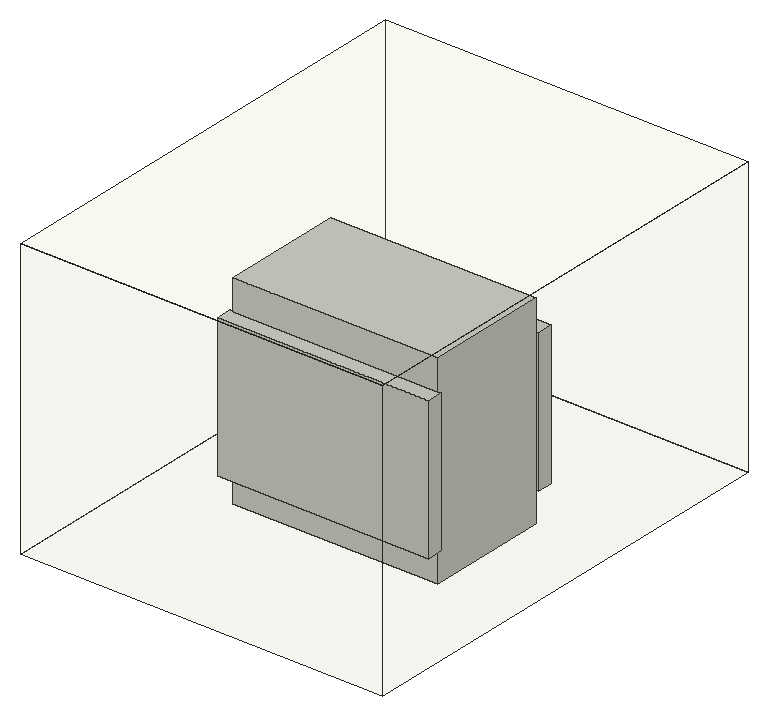
Revit family "Electrical_Transformers_Simens-AG_Geafol_Transformer-housing", category Electrical Fixtures, Revit 2016
Family settings
  Maintain Annotation Orientation = No
  Part Type = Normal
  Round Connector Dimension = Use Diameter
  OmniClass Number = 23.80.00.00
  OmniClass Title = Electric Power and Lighting
  Work Plane-Based = No
  Always vertical = Yes
  Cut with Voids When Loaded = No
  Shared = No
  Room Calculation Point = No
Parameters (values of type "Indoor IP20, 100-160kVA, HV 6-10kV")
  Youtube clip = "https://www.siemens.com/geafol"
  Weight Net (Kg) = "0"
  Uniformat II Description = "Energy Supply"
  Uniformat II Code = "D3010"
  Uniclass 2015 Name = "Voltage transformers"
  Uniclass 2015 Code = "Pr_80_51_51_95"
  Uniclass 2.0 Description = "Electrical Power Control Products"
  Uniclass 2.0 Code = "PR-26"
  Uniclass 1.4 Description = ""
  Uniclass 1.4 Code = ""
  UNSPSC Code = "39121009"
  Technical description = "http://www.siemens.com/specifications"
  T = 1010 mm
  Region South America = "AR, BO, BR, CL, CO, EC, FK, GF, GY, PE, PY, SR, UY, VE"
  Region Oceania = "AS, AU, CK, FJ, FM, GU, KI, MH, MP, NC, NF, NR, NU, NZ, PF, PG, PN, PW, SB, TK, TL, TO, TV, UM, WF, WS, VU"
  Region North America = "None"
  Region Middle East = "AE, AF, BH, EG, IL, IQ, IR, JO, KW, LB, OM, PS, QA, SA, SY, TR, YE"
  Region Europe = "AD, AL, AT, AX, BA, BE, BG, BY, CH, CY, CZ, DE, DK, EE, ES, FI, FO, FR, GB, GG, GI, GR, HR, HU, IE, IM, IS, IT, JE, LI, LT, LU, LV, MC, MD, ME, MK, MT, NL, NO, PL, PT, RO, RS, RU, SE, SI, SJ, SK, SM, UA, VA"
  Region Asia = "AM, AZ, BD, BN, BT, CC, CN, CX, GE, HK, ID, IN, IO, JP, KG, KH, KP, KR, KZ, LA, LK, MM, MN, MO, MV, MY, NP, PH, PK, SG, TH, TJ, TM, TW, UZ, VN"
  Region Antarctica = "AQ, BV, GS, HM, TF"
  Region Africa = "AO, BF, BI, BJ, BW, CD, CF, CG, CI, CM, CV, DJ, DZ, EH, ER, ET, GA, GH, GM, GN, GQ, GW, KE, KM, LR, LS, LY, MA, MG, ML, MR, MU, MW, MZ, NA, NE, NG, RE, RW, SC, SD, SH, SL, SN, SO, SS, ST, SZ, TD, TG, TN, TZ, UG, YT, ZA, ZM, ZW"
  QR code = "http://bimobject.com/siemens/product/siemens_transformer_geafol_housing"
  Product url = "https://www.siemens.com/geafol"
  Product group = "Dry-type Transformer"
  Product family = "Transformer"
  Product data url = "https://bimobject.com/siemens/product/siemens_transformer_geafol_housing"
  Product certification = "https://www.siemens.com/geafol"
  Product SKU = "siemens_transformer_geafol_housing"
  Product Guid = "7c9cb2a2-589f-4048-a66b-3b791df472f8"
  OmniClass Description = "Power Transformers"
  OmniClass Code = "23-35 13 17"
  Nominal width = 0 mm
  Nominal height = 0 mm
  NBS Reference Description = "Electrical Power Control Products"
  NBS Reference Code = "26"
  Model = "Geafol- Transformer casing Indoor IP20, 100-160kVA, HV 6-10kV"
  Material secondary = ""
  Material main = "Steel"
  Masterformat 2014 Description = "Low-Voltage Transformers"
  Masterformat 2014 Code = "26 22 00"
  Manufacturer name = "Siemens AG"
  Manufacturer country = ""
  Manufacturer = "Siemens AG"
  Installation instructions = "https://www.siemens.com/geafol"
  IP_Typ = 1
  IP = if(IP_Typ = 4, "IP23DW", if(IP_Typ = 3, "IP23D", if(IP_Typ = 2, "IP23", if(IP_Typ = 1, "IP20", "IP00"))))  # "IP20"
  IFC Classification = ""
  H = 1335 mm
  Manufacturer = "Siemens AG"
  GK4_sichtbar [instance] = (IP_Typ = 4)  # no
  GK4_T [instance] = T  # 1010 mm
  GK4_L [instance] = L  # 1390 mm
  GK4_H_teil [instance] = GK4_H - GK4_H_Dach  # 175 mm
  GK4_H = 205 mm
  GK4_H_Dach [instance] = 30 mm  # constant formula
  GK3_sichtbar [instance] = or((IP_Typ = 2), (IP_Typ = 3))  # no
  GK3_UK [instance] = GK1_H  # 1335 mm
  GK3_T [instance] = 60 mm  # constant formula
  GK3_Reihe_Ende [instance] = GK1_L  # 1350 mm
  GK3_Reihe_Anz = 8  # constant formula
  GK3_L [instance] = GK1_L  # 1350 mm
  GK3_H = 60 mm
  GK2_T [instance] = AB2  # 100 mm
  GK2_L [instance] = L  # 1390 mm
  GK2_H [instance] = GK1_H - 2 * ABH1  # 935 mm
  GK1_T [instance] = T - 2 * AB2  # 810 mm
  GK1_H [instance] = if(IP_Typ = 1, H, if(IP_Typ = 2, H - GK3_H, if(IP_Typ = 3, H - GK3_H, if(IP_Typ = 4, H - GK4_H, H))))  # 1335 mm
  L = 1390 mm
  GK1_L_start [instance] = AB1  # 20 mm
  GK1_L_Ende [instance] = L - AB1  # 1370 mm
  GK1_L [instance] = L - 2 * AB1  # 1350 mm
  Edition number = 1
  EAN code = ""
  Design country = "Germany"
  Date of publishing = "10/25/2017"
  Clearence operation [instance] = yes
  Cl_T1 = 1000 mm  # constant formula
  Cl_T = T + 2 * Cl_T1  # 3010 mm
  Cl_L1 = 500 mm  # constant formula
  Cl_L = L + 2 * Cl_L1  # 2390 mm
  Cl_H = H + 500 mm  # 1835 mm
  COBIe Type Category = ""
  Brand url = "https://www.siemens.com/global/en/home/products/energy.html"
  BIMobject main category code = "electrical"
  BIMobject main category = "Electrical"
  BIMobject category code = "electrical-transformers"
  BIMobject category = "Transformers"
  ABH1 [instance] = 200 mm  # constant formula
  AB2 [instance] = 100 mm  # constant formula
  AB1 [instance] = 20 mm  # constant formula
Types (15, lengths in mm): name | T | Model | IP_Typ | IP | H | GK4_sichtbar | GK4_T | GK4_L | GK4_H_teil | GK4_H | GK3_sichtbar | GK3_UK | GK3_Reihe_Ende | GK3_L | GK3_H | GK2_L | GK2_H | GK1_T | GK1_H | L | GK1_L_Ende | GK1_L | Cl_T | Cl_L | Cl_H
  Indoor IP20, 100-160kVA, HV 6-10kV | 1010 | "Geafol- Transformer casing Indoor IP20, 100-160kVA, HV 6-10kV" | 1 | "IP20" | 1335 | no | 1010 | 1390 | 175 | 205 | no | 1335 | 1350 | 1350 | 60 | 1390 | 935 | 810 | 1335 | 1390 | 1370 | 1350 | 3010 | 2390 | 1835
  Indoor IP20, 100-630kVA, HV 6-20kV | 1280 | "Geafol- Transformer casing Indoor IP20, 100-630kVA, HV 6-20kV" | 1 | "IP20" | 1535 | no | 1280 | 1860 | 280 | 310 | no | 1535 | 1820 | 1820 | 60 | 1860 | 1135 | 1080 | 1535 | 1860 | 1840 | 1820 | 3280 | 2860 | 2035
  Indoor IP20, 800-1000kVA, HV 6-20kV | 1280 | "Geafol- Transformer casing Indoor IP20, 800-1000kVA, HV 6-20kV" | 1 | "IP20" | 1885 | no | 1280 | 1860 | 330 | 360 | no | 1885 | 1820 | 1820 | 60 | 1860 | 1485 | 1080 | 1885 | 1860 | 1840 | 1820 | 3280 | 2860 | 2385
  Indoor IP20, 1250-1600kVA, HV 6-20kV | 1500 | "Geafol- Transformer casing Indoor IP20, 1250-1600kVA, HV 6-20kV" | 1 | "IP20" | 2120 | no | 1500 | 2120 | 330 | 360 | no | 2120 | 2080 | 2080 | 105 | 2120 | 1720 | 1300 | 2120 | 2120 | 2100 | 2080 | 3500 | 3120 | 2620
  Indoor IP20, 2000-2500kVA, HV 6-20kV | 1500 | "Geafol- Transformer casing Indoor IP20, 2000-2500kVA, HV 6-20kV" | 1 | "IP20" | 2340 | no | 1500 | 2360 | 580 | 610 | no | 2340 | 2320 | 2320 | 155 | 2360 | 1940 | 1300 | 2340 | 2360 | 2340 | 2320 | 3500 | 3360 | 2840
  Indoor IP23, 100-160kVA, HV 6-10kV | 1010 | "Geafol- Transformer casing Indoor IP23, 100-160kVA, HV 6-10kV" | 2 | "IP23" | 1395 | no | 1010 | 1390 | 175 | 205 | yes | 1335 | 1350 | 1350 | 60 | 1390 | 935 | 810 | 1335 | 1390 | 1370 | 1350 | 3010 | 2390 | 1895
  Indoor IP23, 100-630kVA, HV 6-20kV | 1280 | "Geafol- Transformer casing Indoor IP23, 100-630kVA, HV 6-20kV" | 2 | "IP23" | 1595 | no | 1280 | 1860 | 280 | 310 | yes | 1535 | 1820 | 1820 | 60 | 1860 | 1135 | 1080 | 1535 | 1860 | 1840 | 1820 | 3280 | 2860 | 2095
  Indoor IP23, 800-1000kVA, HV 6-20kV | 1280 | "Geafol- Transformer casing Indoor IP23, 800-1000kVA, HV 6-20kV" | 2 | "IP23" | 1945 | no | 1280 | 1860 | 330 | 360 | yes | 1885 | 1820 | 1820 | 60 | 1860 | 1485 | 1080 | 1885 | 1860 | 1840 | 1820 | 3280 | 2860 | 2445
  Indoor IP23, 1250-1600kVA, HV 6-20kV | 1500 | "Geafol- Transformer casing Indoor IP23, 1250-1600kVA, HV 6-20kV" | 2 | "IP23" | 2225 | no | 1500 | 2120 | 330 | 360 | yes | 2120 | 2080 | 2080 | 105 | 2120 | 1720 | 1300 | 2120 | 2120 | 2100 | 2080 | 3500 | 3120 | 2725
  Indoor IP23, 2000-2500kVA, HV 6-20kV | 1500 | "Geafol- Transformer casing Indoor IP23, 2000-2500kVA, HV 6-20kV" | 2 | "IP23" | 2495 | no | 1500 | 2360 | 580 | 610 | yes | 2340 | 2320 | 2320 | 155 | 2360 | 1940 | 1300 | 2340 | 2360 | 2340 | 2320 | 3500 | 3360 | 2995
  Outdoor IP23, 100-160kVA, HV 6-10kV | 1070 | "Geafol- Transformer casing Outdoor IP23, 100-160kVA, HV 6-10kV" | 4 | "IP23DW" | 1540 | yes | 1070 | 1440 | 175 | 205 | no | 1335 | 1400 | 1400 | 60 | 1440 | 935 | 870 | 1335 | 1440 | 1420 | 1400 | 3070 | 2440 | 2040
  Outdoor IP23, 100-630kVA, HV 6-20kV | 1320 | "Geafol- Transformer casing Outdoor IP23, 100-630kVA, HV 6-20kV" | 4 | "IP23DW" | 1845 | yes | 1320 | 1880 | 280 | 310 | no | 1535 | 1840 | 1840 | 60 | 1880 | 1135 | 1120 | 1535 | 1880 | 1860 | 1840 | 3320 | 2880 | 2345
  Outdoor IP23, 800-1000kVA, HV 6-20kV | 1420 | "Geafol- Transformer casing Outdoor IP23, 800-1000kVA, HV 6-20kV" | 4 | "IP23DW" | 2245 | yes | 1420 | 1880 | 330 | 360 | no | 1885 | 1840 | 1840 | 60 | 1880 | 1485 | 1220 | 1885 | 1880 | 1860 | 1840 | 3420 | 2880 | 2745
  Outdoor IP23, 1250-1600kVA, HV 6-20kV | 1540 | "Geafol- Transformer casing Outdoor IP23, 1250-1600kVA, HV 6-20kV" | 4 | "IP23DW" | 2480 | yes | 1540 | 2240 | 330 | 360 | no | 2120 | 2200 | 2200 | 105 | 2240 | 1720 | 1340 | 2120 | 2240 | 2220 | 2200 | 3540 | 3240 | 2980
  Outdoor IP23, 2000-2500kVA, HV 6-20kV | 1540 | "Geafol- Transformer casing Outdoor IP23, 2000-2500kVA, HV 6-20kV" | 4 | "IP23DW" | 2950 | yes | 1540 | 2380 | 580 | 610 | no | 2340 | 2340 | 2340 | 155 | 2380 | 1940 | 1340 | 2340 | 2380 | 2360 | 2340 | 3540 | 3380 | 3450
Reference planes
  plane 1 "Mitte (Vorne/Hinten)": y = 0
  plane 2: z = 0
  plane 3 "Mitte (Links/Rechts)": x = 0
  plane 4 "GK1 vorn": y = 100
  plane 5 "UK_GK2": z = 200
  plane 6 "GK1 hinten": y = 910
  plane 7 "GK3_UK": z = 1335
  plane 8 "Clearence left": x = -500
  plane 9 "Clearence Front": y = -1000
Forms (mm)
  Extrusion 1, solid, material "Siemens RAL 7035"
    sketch origin (0, 0, 0) x (0, 1, 0) y (0, 0, 1)
      loop
        line (100, 0) -> (910, 0) -> (910, 1335) -> (100, 1335) -> (100, 0)
    from 20 <- "GK1_L_start" to 1370 <- "GK1_L_Ende"
  Extrusion 2, solid, material "Siemens RAL 7035"
    sketch origin (0, 0, 0) x (0, 1, 0) y (0, 0, 1)
      loop
        line (100, 1135) -> (0, 1135) -> (0, 200) -> (100, 200) -> (100, 1135)
    from 0 to 1390 <- "GK2_L"
  Extrusion 3, solid, material "Siemens RAL 7035"
    sketch origin (0, 0, 0) x (0, 1, 0) y (0, 0, 1)
      loop
        line (1010, 1135) -> (910, 1135) -> (910, 200) -> (1010, 200) -> (1010, 1135)
    from 0 to 1390 <- "GK2_L"
  Extrusion 4, solid, visible <- "GK3_sichtbar"
    sketch origin (0, 46.232, -12.608) x (0, 1, 0) y (0, 0, 1)
      loop
        line (863.768, 1347.608) -> (863.768, 1407.608) -> (803.768, 1407.608) -> (803.768, 1347.608) -> (863.768, 1347.608)
    from 20 <- "GK1_L_start" to 1370 <- "GK1_L_Ende"
  Extrusion 5, solid, visible <- "GK3_sichtbar"
    sketch origin (0, -703.768, -12.608) x (0, 1, 0) y (0, 0, 1)
      loop
        line (863.768, 1347.608) -> (863.768, 1407.608) -> (803.768, 1407.608) -> (803.768, 1347.608) -> (863.768, 1347.608)
    from 20 <- "GK1_L_start" to 1370 <- "GK1_L_Ende"
  Extrusion 6, solid, visible <- "GK3_sichtbar"
    sketch origin (0, -60.91, -12.608) x (0, 1, 0) y (0, 0, 1)
      loop
        line (863.768, 1347.608) -> (863.768, 1407.608) -> (803.768, 1407.608) -> (803.768, 1347.608) -> (863.768, 1347.608)
    from 20 <- "GK1_L_start" to 1370 <- "GK1_L_Ende"
  Extrusion 7, solid, visible <- "GK3_sichtbar"
    sketch origin (0, -168.053, -12.608) x (0, 1, 0) y (0, 0, 1)
      loop
        line (863.768, 1347.608) -> (863.768, 1407.608) -> (803.768, 1407.608) -> (803.768, 1347.608) -> (863.768, 1347.608)
    from 20 <- "GK1_L_start" to 1370 <- "GK1_L_Ende"
  Extrusion 8, solid, visible <- "GK3_sichtbar"
    sketch origin (0, -275.196, -12.608) x (0, 1, 0) y (0, 0, 1)
      loop
        line (863.768, 1347.608) -> (863.768, 1407.608) -> (803.768, 1407.608) -> (803.768, 1347.608) -> (863.768, 1347.608)
    from 20 <- "GK1_L_start" to 1370 <- "GK1_L_Ende"
  Extrusion 9, solid, visible <- "GK3_sichtbar"
    sketch origin (0, -382.339, -12.608) x (0, 1, 0) y (0, 0, 1)
      loop
        line (863.768, 1347.608) -> (863.768, 1407.608) -> (803.768, 1407.608) -> (803.768, 1347.608) -> (863.768, 1347.608)
    from 20 <- "GK1_L_start" to 1370 <- "GK1_L_Ende"
  Extrusion 10, solid, visible <- "GK3_sichtbar"
    sketch origin (0, -489.482, -12.608) x (0, 1, 0) y (0, 0, 1)
      loop
        line (863.768, 1347.608) -> (863.768, 1407.608) -> (803.768, 1407.608) -> (803.768, 1347.608) -> (863.768, 1347.608)
    from 20 <- "GK1_L_start" to 1370 <- "GK1_L_Ende"
  Extrusion 11, solid, visible <- "GK3_sichtbar"
    sketch origin (0, -596.625, -12.608) x (0, 1, 0) y (0, 0, 1)
      loop
        line (863.768, 1347.608) -> (863.768, 1407.608) -> (803.768, 1407.608) -> (803.768, 1347.608) -> (863.768, 1347.608)
    from 20 <- "GK1_L_start" to 1370 <- "GK1_L_Ende"
  Extrusion 12, solid, material "Siemens RAL 7035", visible <- "GK4_sichtbar"
    sketch origin (0, 0, 0) x (0, 1, 0) y (0, 0, 1)
      loop
        line (910, 1510) -> (100, 1510) -> (100, 1335) -> (910, 1335) -> (910, 1510)
    from 20 <- "GK1_L_start" to 1370 <- "GK1_L_Ende"
  Extrusion 13, solid, material "Siemens RAL 7035", visible <- "GK4_sichtbar"
    sketch origin (0, 0, 0) x (0, 1, 0) y (0, 0, 1)
      loop
        line (1010, 1510) -> (1010, 1540) -> (0, 1540) -> (0, 1510) -> (1010, 1510)
    from 0 to 1390 <- "L"
  Extrusion 14, solid, material "Siemens Clearence", visible <- "Clearence operation"
    sketch origin (0, 0, 0) x (1, 0, 0) y (0, 1, 0)
      loop
        line (-500, 2010) -> (-500, -1000) -> (1890, -1000) -> (1890, 2010) -> (-500, 2010)
    from 0 to 1835 <- "Cl_H"
Dimensions and locks
  "GK1_T": Extrusion 1 sketch curve to Extrusion 1 sketch curve
  "GK1_H": Extrusion 1 sketch curve to Extrusion 1 sketch curve
  "AB2": plane 4 "GK1 vorn" to plane 1 "Mitte (Vorne/Hinten)"
  "GK2_H": Extrusion 2 sketch curve to Extrusion 2 sketch curve
  "GK2_T": Extrusion 2 sketch curve to Extrusion 2 sketch curve
  "ABH1": plane 5 "UK_GK2" to level
  "GK1_T": plane 6 "GK1 hinten" to plane 4 "GK1 vorn"
  "GK2_T": Extrusion 3 sketch curve to Extrusion 3 sketch curve
  "GK2_H": Extrusion 3 sketch curve to Extrusion 3 sketch curve
  "GK3_UK": plane 7 "GK3_UK" to level
  "GK3_H": Extrusion 4 sketch curve to Extrusion 4 sketch curve
  "GK3_T": Extrusion 4 sketch curve to Extrusion 4 sketch curve
  "GK3_H": Extrusion 5 sketch curve to Extrusion 5 sketch curve
  "GK3_T": Extrusion 5 sketch curve to Extrusion 5 sketch curve
  equal spacing: group 1, group 3, group 4, group 5, group 6, group 7, group 8, group 2  (x2)
  equal spacing: group 2, group 8, group 7, group 6, group 5, group 4, group 3, group 1
  "GK3_H": Extrusion 6 sketch curve to Extrusion 6 sketch curve
  "GK3_T": Extrusion 6 sketch curve to Extrusion 6 sketch curve
  "GK3_H": Extrusion 7 sketch curve to Extrusion 7 sketch curve
  "GK3_T": Extrusion 7 sketch curve to Extrusion 7 sketch curve
  "GK3_H": Extrusion 8 sketch curve to Extrusion 8 sketch curve
  "GK3_T": Extrusion 8 sketch curve to Extrusion 8 sketch curve
  "GK3_H": Extrusion 9 sketch curve to Extrusion 9 sketch curve
  "GK3_T": Extrusion 9 sketch curve to Extrusion 9 sketch curve
  "GK3_H": Extrusion 10 sketch curve to Extrusion 10 sketch curve
  "GK3_T": Extrusion 10 sketch curve to Extrusion 10 sketch curve
  "GK3_H": Extrusion 11 sketch curve to Extrusion 11 sketch curve
  "GK3_T": Extrusion 11 sketch curve to Extrusion 11 sketch curve
  "GK4_H_teil": Extrusion 12 sketch curve to Extrusion 12 sketch curve
  "GK1_T": Extrusion 12 sketch curve to Extrusion 12 sketch curve
  "GK4_H_Dach": Extrusion 13 sketch curve to Extrusion 13 sketch curve
  "GK4_T": Extrusion 13 sketch curve to Extrusion 13 sketch curve
  "Cl_L": Extrusion 14 sketch curve to Extrusion 14 sketch curve
  Extrusion 14 to Extrusion 13 = 295 mm
  "Cl_L1": plane 3 "Mitte (Links/Rechts)" to plane 8 "Clearence left"
  Extrusion 14 to Extrusion 2 = 700 mm
  Extrusion 14 to Extrusion 12 = 500 mm
  "Cl_T1": plane 1 "Mitte (Vorne/Hinten)" to plane 9 "Clearence Front"
  "Cl_T": Extrusion 14 sketch curve to Extrusion 14 sketch curve
  aligned and locked: level to plane 2
  aligned and locked: level to Extrusion 1 sketch curve
  aligned and locked: plane 4 "GK1 vorn" to Extrusion 1
  aligned and locked: plane 5 "UK_GK2" to Extrusion 2
  aligned and locked: Extrusion 2 to plane 4 "GK1 vorn"
  aligned and locked: plane 6 "GK1 hinten" to Extrusion 3
  aligned and locked: plane 5 "UK_GK2" to Extrusion 3
  aligned and locked: Extrusion 4 to plane 6 "GK1 hinten"
  aligned and locked: plane 4 "GK1 vorn" to Extrusion 5
  aligned and locked: plane 7 "GK3_UK" to Extrusion 4
  aligned and locked: plane 7 "GK3_UK" to Extrusion 6
  aligned and locked: Extrusion 12 to plane 6 "GK1 hinten"
  aligned and locked: plane 7 "GK3_UK" to Extrusion 12
  aligned and locked: Extrusion 13 to Extrusion 12
  aligned and locked: plane 1 "Mitte (Vorne/Hinten)" to Extrusion 13
  aligned and locked: Extrusion 14 to plane 8 "Clearence left"
  aligned and locked: Extrusion 14 to plane 9 "Clearence Front"
Automatic sketch dimensions
  Extrusion 1 sketch curve to plane 4 "GK1 vorn" = 0 mm
  Extrusion 2 sketch curve to plane 1 "Mitte (Vorne/Hinten)" = 0 mm
  plane 5 "UK_GK2" to Extrusion 2 sketch curve = 0 mm
  Extrusion 3 sketch curve to plane 6 "GK1 hinten" = 0 mm
  plane 5 "UK_GK2" to Extrusion 3 sketch curve = 0 mm
  Extrusion 12 sketch curve to plane 4 "GK1 vorn" = 0 mm
  plane 7 "GK3_UK" to Extrusion 12 sketch curve = 0 mm
  Extrusion 13 sketch curve to plane 1 "Mitte (Vorne/Hinten)" = 0 mm
  Extrusion 13 sketch curve to plane 7 "GK3_UK" = 175 mm
  Extrusion 14 sketch curve to plane 3 "Mitte (Links/Rechts)" = 500 mm
  Extrusion 14 sketch curve to plane 6 "GK1 hinten" = 1100 mm
